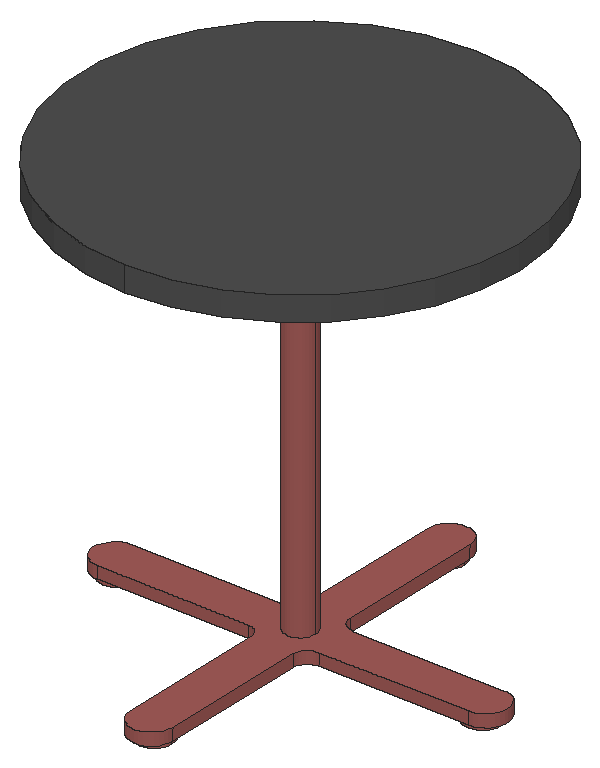
Revit family "Table-Teknion-CQTSA_Routes_Adjustable_Side_Table-R2018", category Furniture, Revit 2018
Family settings
  OmniClass Number = 23.40.20.00
  OmniClass Title = General Furniture and Specialties
  Work Plane-Based = No
  Always vertical = Yes
  Cut with Voids When Loaded = No
  Shared = Yes
  Room Calculation Point = No
Parameters (values of type "18" Dia.")
  Warranty = "http://www.teknion.com/ca/papers/legal-canada"
  Unit Weight URL = "http://www.teknion.com/ca/tools/assets#&asset=bee6a381-b954-425e-8283-5a2de3a804f2,f828d448-4b62-4231-9e5f-9a8991c0ed77"
  URL = "www.teknion.com"
  To render please download texture images found here [instance] = "https://assets.teknion.com/web/5e81352c1dfdb467/revit-material-swatches/"
  Sustainability Data = "https://www.teknion.com/ca/tools/assets#&topic=216f99a5-57a0-44fc-b10a-9dee9b29ae4c&asset=444deb64-fe58-4b68-981e-f75e97781df7,b4ff2d81-9f2e-437d-9659-7cffb09c31cf"
  Surface Finish [instance] = Foundation Laminate-Teknion-6K-Matte-Black
  Series = "Routes"  # constant formula
  Product Page URL = "https://www.teknion.com/ca/products/all-products"
  Product Line = "Routes"  # constant formula
  Product Documentation Link = "https://assets.teknion.com/m/72af4764f50e983c/original/Routes-Reference-Guide.pdf"
  Part Number = "CQTSA"  # constant formula
  Model = "CQTSA18"
  Manufacturer Phone = "416-661-3370"  # constant formula
  Manufacturer Fax = "416.661.4586"  # constant formula
  Manufacturer Contact Information = "http://www.teknion.com/ca/contactus"
  Manufacturer Address = "1150 Flint Road, Toronto, ON. M3J 2J5. Canada"  # constant formula
  Manufacturer = "Teknion"  # constant formula
  How To Use Teknion Materials User Guide [instance] = "https://assets.teknion.com/m/205dd0a49fa58060/original/How-to-add-a-Material-Library-and-Texture-Images-to-your-Revit-project.pdf"
  Height [instance] = 18.000"
  Frame Finish [instance] = Paint - Teknion - Accent - Crimson
  For Additional Finishes please visit [instance] = "https://assets.teknion.com/m/44a8009b046e5d47/original/Teknion_Materials_Library.zip"
  Description = "Routes Adjustable Side Table, 18\" Diameter"
  Available Heights [instance] = "18\" to 26\" in 1\" increments."  # constant formula
  Assembly Code = "E2020200"
Reference planes (in)
  plane 1 "Center Front/Back": y = 0.02364
  plane 2: z = 0
  plane 3 "Center Left/Right": x = -0.07572
  plane 4 "Left": x = -9.07443
  plane 5 "Right": x = 8.92299
  plane 6 "Back": y = 9.02262
  plane 7 "Front": y = -8.97533
  plane 8 "Top": z = 18
Forms (in)
  Sweep 1, solid, material "Foundation Laminate-Teknion-6K-Matte-Black" <- "Surface Finish"
    path origin (0, 0, 0) x (1, 0, 0) y (0, 0, 1)
      loop
        line (0, 18) -> (0, 17)
    profile origin (0, 0, 17.5) x (0, -1, 0) y (1, 0, 0)
      loop
        circle (-0.02364, -0.07572) r 8.99871
  Sweep 2, solid, material "Metal - Teknion - C9 - Polished Aluminum"
    path origin (0, 0, 0) x (1, 0, 0) y (0, 0, 1)
      loop
        line (0, 17) -> (0, 16.88)
    profile origin (0, 0, 16.94) x (0, -1, 0) y (1, 0, 0)
      loop
        circle (-0.02441, -0.08661) r 3
  Sweep 3, solid, material "Paint - Teknion - Accent - Crimson" <- "Frame Finish"
    path origin (0, 0, 0) x (1, 0, 0) y (0, 0, 1)
      loop
        line (-0.07457, 0.7126) -> (-0.07457, 14.4626)
    profile origin (-0.07457, 0, 7.5876) x (-1, 0, 0) y (0, -1, 0)
      loop
        circle (0.0005, -0.02148) r 0.62491
  Sweep 4, solid, material "Paint - Teknion - Accent - Crimson" <- "Frame Finish"
    path origin (0, 0, 0) x (1, 0, 0) y (0, 0, 1)
      loop
        line (0, 0.2126) -> (0, 0.7126)
    profile origin (0, 0, 0.4626) x (-1, 0, 0) y (0, -1, 0)
      loop
        line (-7.55043, -0.89861) -> (-1.39043, -0.89861)
        arc (-1.39043, -0.89861) -> (-0.97323, -1.07142) -> (-0.80043, -1.48861) r 0.59
        line (-0.80043, -1.48861) -> (-0.80043, -7.64861)
        arc (-0.80043, -7.64861) -> (0.07457, -8.52361) -> (0.94957, -7.64861) r 0.875
        line (0.94957, -7.64861) -> (0.94957, -1.48861)
        arc (0.94957, -1.48861) -> (1.12238, -1.07142) -> (1.53957, -0.89861) r 0.59
        line (1.53957, -0.89861) -> (7.69957, -0.89861)
        arc (7.69957, -0.89861) -> (8.57457, -0.02361) -> (7.69957, 0.85139) r 0.875
        line (7.69957, 0.85139) -> (1.53957, 0.85139)
        arc (1.53957, 0.85139) -> (1.12238, 1.0242) -> (0.94957, 1.44139) r 0.59
        line (0.94957, 1.44139) -> (0.94957, 7.60139)
        arc (0.94957, 7.60139) -> (0.07457, 8.47639) -> (-0.80043, 7.60139) r 0.875
        line (-0.80043, 7.60139) -> (-0.80043, 1.44139)
        arc (-0.80043, 1.44139) -> (-0.97323, 1.0242) -> (-1.39043, 0.85139) r 0.59
        line (-1.39043, 0.85139) -> (-7.55043, 0.85139)
        arc (-7.55043, 0.85139) -> (-8.42543, -0.02361) -> (-7.55043, -0.89861) r 0.875
  Sweep 5, solid, material "Paint - Teknion - Accent - Crimson" <- "Frame Finish"
    path origin (0, 0, 0) x (1, 0, 0) y (0, 0, 1)
      loop
        line (-0.07457, 0) -> (-0.07457, 0.2126)
    profile origin (-0.07457, 0, 0.1063) x (-1, 0, 0) y (0, -1, 0)
      loop
        circle (-0.00222, -7.52714) r 0.74564
      loop
        circle (-7.49953, -0.02397) r 0.74564
      loop
        circle (-0.00222, 7.48026) r 0.74564
      loop
        circle (7.49882, -0.02397) r 0.74564
  Sweep 6, solid, material "Metal - Teknion - C9 - Polished Aluminum"
    path origin (0, 0, 0) x (1, 0, 0) y (0, 0, 1)
      loop
        line (0, 14.4366) -> (0, 15.1226)
    profile origin (0, 0, 14.7796) x (-1, 0, 0) y (0, -1, 0)
      loop
        line (-1.06419, -0.72735) -> (0.07831, -0.72735)
        arc (0.07831, -0.72735) -> (0.2895, -0.7018) -> (0.4885, -0.62662) r 0.88549
        arc (0.4885, -0.62662) -> (0.63162, -0.52325) -> (0.73498, -0.38014) r 0.55435
        arc (0.73498, -0.38014) -> (0.76733, -0.29128) -> (0.77831, -0.19735) r 0.40716
        line (0.77831, -0.19735) -> (0.77831, 0.15013)
        arc (0.77831, 0.15013) -> (0.76733, 0.24406) -> (0.73498, 0.33292) r 0.40716
        arc (0.73498, 0.33292) -> (0.63162, 0.47603) -> (0.4885, 0.57939) r 0.55435
        arc (0.4885, 0.57939) -> (0.2895, 0.65458) -> (0.07831, 0.68013) r 0.88549
        line (0.07831, 0.68013) -> (-1.06419, 0.68013) -> (-1.06419, 0.07139) -> (-0.4832, 0.0511)
        arc (-0.4832, 0.0511) -> (-0.29905, 0.40067) -> (0.07046, 0.54058) r 0.55787
        arc (0.07046, 0.54058) -> (0.63563, -0.02459) -> (0.07046, -0.58977) r 0.56518
        arc (0.07046, -0.58977) -> (-0.30201, -0.44968) -> (-0.48982, -0.09885) r 0.56518
        line (-0.48982, -0.09885) -> (-1.06419, -0.11861) -> (-1.06419, -0.72735)
  Sweep 7, void
    path origin (0, 0, 0) x (1, 0, 0) y (0, 1, 0)
      loop
        line (0.57885, -1.07979) -> (0.57885, 1.57887)
    profile origin (0.57885, 0.24954, 0) x (-1, 0, 0) y (0, 0, 1)
      loop
        line (-0.14234, 15.1226) -> (-0.5318, 15.1226) -> (-0.5318, 14.4366) -> (-0.14234, 14.4366)
        arc (-0.14234, 14.4366) -> (-0.48534, 14.7796) -> (-0.14234, 15.1226) r 0.343
  Sweep 8, solid, material "Metal - Teknion - C9 - Polished Aluminum"
    path origin (0, 0, 0) x (1, 0, 0) y (0, 0, 1)
      loop
        line (0, 16.88) -> (0, 3.185)
    profile origin (0, 0, 10.0325) x (0, -1, 0) y (1, 0, 0)
      loop
        circle (-0.02148, -0.07508) r 0.5308
  Sweep 9, solid, material "Paint - Teknion - Accent - Crimson" <- "Frame Finish"
    path origin (0, 0, 0) x (1, 0, 0) y (0, 1, 0)
      loop
        line (0.66213, 2.10029) -> (0.78024, 2.10029)
    profile origin (0.72119, 2.10029, 0) x (0, 1, 0) y (0, 0, 1)
      loop
        circle (-0.16861, 14.77765) r 0.98488
  Sweep 10, void
    path origin (1.44237, 0, 0) x (-1, 0, 0) y (0, -1, 0)
      loop
        line (0.57885, -0.72735) -> (0.57885, -1.57887)
    profile origin (0.86352, 1.15311, 0) x (-1, 0, 0) y (0, 0, 1)
      loop
        arc (0.14234, 15.1226) -> (0.48534, 14.7796) -> (0.14234, 14.4366) r 0.343
        line (0.14234, 14.4366) -> (0.5318, 14.4366) -> (0.5318, 15.1226) -> (0.14234, 15.1226)
  Sweep 11, solid, material "Paint - Teknion - Accent - Crimson" <- "Frame Finish"
    path origin (0, 0, 0) x (0, 1, 0) y (0, 0, 1)
      loop
        line (0.02361, 14.4366) -> (0.02361, 15.1226)
    profile origin (0, 0.02361, 14.7796) x (0, -1, 0) y (1, 0, 0)
      loop
        line (-0.70374, 0.37762) -> (-0.70374, 1.06419) -> (-1.45374, 1.06419) -> (-1.45374, 0.37762) -> (-0.70374, 0.37762)
Cuts and joins
  Sweep 7 cuts Sweep 6
  Sweep 7, Sweep 10 cuts Sweep 11
Lines and regions (in)
  Masking region 1
    outline origin (0, 0, 0) x (1, 0, 0) y (0, 1, 0)
      loop
        circle (-0.07572, 0.02364) r 8.99871
  symbolic lines, style "FurnitureHiddenLines", detail levels medium+fine
    curve 1: line (-1.53957, 0.89861, 0) -> (-7.69957, 0.89861, 0)
    curve 2: line (-7.69957, -0.85139, 0) -> (-1.53957, -0.85139, 0)
    curve 3: arc (-7.69957, -0.85139, 0) -> (-8.57457, 0.02361, 0) -> (-7.69957, 0.89861, 0) r 0.875
    curve 4: line (-0.94957, 7.64861, 0) -> (-0.94957, 1.48861, 0)
    curve 5: line (0.80043, 1.48861, 0) -> (0.80043, 7.64861, 0)
    curve 6: line (7.55043, 0.89861, 0) -> (1.39043, 0.89861, 0)
    curve 7: line (1.39043, -0.85139, 0) -> (7.55043, -0.85139, 0)
    curve 8: line (0.80043, -7.60139, 0) -> (0.80043, -1.44139, 0)
    curve 9: arc (1.39043, -0.85139, 0) -> (0.97323, -1.0242, 0) -> (0.80043, -1.44139, 0) r 0.59
    curve 10: arc (-0.94957, -1.44139, 0) -> (-1.12238, -1.0242, 0) -> (-1.53957, -0.85139, 0) r 0.59
    curve 11: arc (-1.53957, 0.89861, 0) -> (-1.12238, 1.07142, 0) -> (-0.94957, 1.48861, 0) r 0.59
    curve 12: line (-0.94957, -1.44139, 0) -> (-0.94957, -7.60139, 0)
    curve 13: arc (0.80043, -7.60139, 0) -> (-0.07457, -8.47639, 0) -> (-0.94957, -7.60139, 0) r 0.875
    curve 14: arc (7.55043, 0.89861, 0) -> (8.42543, 0.02361, 0) -> (7.55043, -0.85139, 0) r 0.875
    curve 15: arc (-0.94957, 7.64861, 0) -> (-0.07457, 8.52361, 0) -> (0.80043, 7.64861, 0) r 0.875
    curve 16: arc (0.80043, 1.48861, 0) -> (0.97323, 1.07142, 0) -> (1.39043, 0.89861, 0) r 0.59
    curve 25: arc (-0.08661, 3.02441, 0) -> (-3.08661, 0.02441, 0) -> (-0.08661, -2.97559, 0) r 3
    curve 26: arc (-0.08661, -2.97559, 0) -> (2.91339, 0.02441, 0) -> (-0.08661, 3.02441, 0) r 3
    curve 37: arc (-0.07046, 0.58977, 0) -> (-0.49609, -0.34724, 0) -> (0.4896, -0.05132, 0) r 0.56518
    curve 38: arc (0.48982, 0.09885, 0) -> (0.30201, 0.44968, 0) -> (-0.07046, 0.58977, 0) r 0.56518
    curve 39: line (0.48982, 0.09885, 0) -> (1.06419, 0.11861, 0)
    curve 40: line (1.06419, -0.07139, 0) -> (0.4896, -0.05132, 0)
    curve 41: line (1.06419, 0.72735, 0) -> (-0.07831, 0.72735, 0)
    curve 42: line (-0.77831, 0.19735, 0) -> (-0.77831, -0.15013, 0)
    curve 43: arc (-0.73498, 0.38014, 0) -> (-0.63162, 0.52325, 0) -> (-0.4885, 0.62662, 0) r 0.55435
    curve 44: arc (-0.77831, 0.19735, 0) -> (-0.76733, 0.29128, 0) -> (-0.73498, 0.38014, 0) r 0.40716
    curve 45: arc (-0.4885, 0.62662, 0) -> (-0.2895, 0.7018, 0) -> (-0.07831, 0.72735, 0) r 0.88549
    curve 46: arc (-0.73498, -0.33292, 0) -> (-0.76733, -0.24406, 0) -> (-0.77831, -0.15013, 0) r 0.40716
    curve 47: arc (-0.4885, -0.57939, 0) -> (-0.63162, -0.47603, 0) -> (-0.73498, -0.33292, 0) r 0.55435
    curve 48: arc (-0.07831, -0.68013, 0) -> (-0.2895, -0.65458, 0) -> (-0.4885, -0.57939, 0) r 0.88549
    curve 49: line (-0.07831, -0.68013, 0) -> (1.06419, -0.68013, 0)
    curve 50: line (1.06419, -0.07139, 0) -> (1.06419, -0.68013, 0)
    curve 51: line (1.06419, 0.11861, 0) -> (1.06419, 0.72735, 0)
  symbolic lines, style "FurnitureHiddenLines", detail levels fine
    curve 17: arc (-0.81799, 7.52714, 0) -> (-0.07235, 8.27277, 0) -> (0.67328, 7.52714, 0) r 0.74564
    curve 18: arc (0.67328, 7.52714, 0) -> (-0.07235, 6.7815, 0) -> (-0.81799, 7.52714, 0) r 0.74564
    curve 19: arc (6.67932, 0.02397, 0) -> (7.42496, 0.76961, 0) -> (8.17059, 0.02397, 0) r 0.74564
    curve 20: arc (8.17059, 0.02397, 0) -> (7.42496, -0.72166, 0) -> (6.67932, 0.02397, 0) r 0.74564
    curve 21: arc (-0.81799, -7.48026, 0) -> (-0.07235, -6.73463, 0) -> (0.67328, -7.48026, 0) r 0.74564
    curve 22: arc (0.67328, -7.48026, 0) -> (-0.07235, -8.2259, 0) -> (-0.81799, -7.48026, 0) r 0.74564
    curve 23: arc (-8.31903, 0.02397, 0) -> (-7.57339, 0.76961, 0) -> (-6.82776, 0.02397, 0) r 0.74564
    curve 24: arc (-6.82776, 0.02397, 0) -> (-7.57339, -0.72166, 0) -> (-8.31903, 0.02397, 0) r 0.74564
    curve 27: line (0.66213, 2.91655, 0) -> (0.78024, 2.91655, 0)
    curve 28: line (0.66213, 0.9468, 0) -> (0.66213, 2.91655, 0)
    curve 29: line (0.78024, 0.9468, 0) -> (0.66213, 0.9468, 0)
    curve 30: line (0.78024, 2.91655, 0) -> (0.78024, 0.9468, 0)
    curve 31: line (1.06419, 1.47735, 0) -> (0.37819, 1.47735, 0)
    curve 32: line (0.37819, 1.47735, 0) -> (0.37819, 0.72735, 0)
    curve 33: line (1.06419, 0.72735, 0) -> (0.37819, 0.72735, 0)
    curve 34: line (1.06419, 0.72735, 0) -> (1.06419, 1.47735, 0)
    curve 35: arc (-0.69998, 0.02148, 0) -> (-0.07507, 0.64639, 0) -> (0.54984, 0.02148, 0) r 0.62491
    curve 36: arc (0.54984, 0.02148, 0) -> (-0.07507, -0.60343, 0) -> (-0.69998, 0.02148, 0) r 0.62491
Dimensions and locks (in)
  locked: plane 4 "Left" to plane 5 "Right" at 17.99742
  locked: plane 6 "Back" to plane 7 "Front" at 17.99795
  "Height": plane 8 "Top" to level
  equal spacing: plane 7 "Front", plane 1 "Center Front/Back", plane 6 "Back"
  equal spacing: plane 4 "Left", plane 3 "Center Left/Right", plane 5 "Right"
  Sweep 6 sketch curve to Sweep 6 sketch curve to level = 0.686" locked, 14.4366" locked
  Sweep 7 sketch curve to Sweep 7 sketch curve to Sweep 7 sketch curve to level = 0.343" locked, 0.343" locked, 14.4366" locked
  Sweep 7 sketch curve to Sweep 7 sketch curve to Sweep 7 sketch curve to Sweep 7 sketch curve to plane 3 "Center Left/Right" = 0.38947" locked, 0.000" locked, 0.000" locked, 0.79691" locked
  Sweep 10 sketch curve to Sweep 10 sketch curve to Sweep 10 sketch curve to level = 0.343" locked, 0.343" locked, 14.4366" locked
  Sweep 10 sketch curve to Sweep 10 sketch curve to Sweep 10 sketch curve to Sweep 10 sketch curve to plane 3 "Center Left/Right" = 0.000" locked, 0.000" locked, 0.38947" locked, 0.40744" locked
  plane 8 "Top" to Sweep 2 sketch curve to Sweep 2 sketch curve = 1.000" locked, 0.120" locked
  Sweep 4 sketch curve to Sweep 4 sketch curve to level = 0.500" locked, 0.2126" locked
  Sweep 3 sketch curve to Sweep 3 sketch curve to level = 13.750" locked, 0.7126" locked
  Sweep 11 sketch curve to Sweep 11 sketch curve to level = 0.686" locked, 14.4366" locked
  Sweep 8 sketch curve to Sweep 8 sketch curve to plane 8 "Top" = 13.695" locked, 1.120" locked
  locked: Sweep 9 sketch curve to level at 14.77765
  locked: Sweep 9 sketch curve to plane 1 "Center Front/Back" at 1.90803
  locked: Sweep 5 sketch curve to level at 0.2126
  locked: plane 8 "Top" to Sweep 1 sketch curve at 1
  aligned and locked: level to plane 2
  aligned and locked: plane 2 to Sweep 5 sketch curve
  aligned and locked: plane 8 "Top" to Sweep 1 sketch curve
Automatic sketch dimensions
  curve 17 to curve 18 = 0.000"  (x2)
  curve 19 to curve 20 = 0.000"  (x2)
  curve 21 to curve 22 = 0.000"  (x2)
  curve 23 to curve 24 = 0.000"  (x2)
  curve 25 to curve 26 = 0.000"  (x2)
  curve 35 to curve 36 = 0.000"  (x2)
  curve 37 to curve 38 = 0.000"  (x2)
  plane 1 "Center Front/Back" to curve 2 = 0.87503"
  plane 4 "Left" to curve 2 = 1.37486"
  curve 24 to plane 1 "Center Front/Back" = 0.00033"
  curve 3 to curve 24 = 0.12618"
  curve 1 to plane 3 "Center Left/Right" = 1.46385"
  curve 2 to plane 3 "Center Left/Right" = 1.46385"
  curve 12 to plane 3 "Center Left/Right" = 0.87385"
  curve 11 to curve 4 = 0.590"
  curve 42 to plane 1 "Center Front/Back" = 0.17371"
  curve 42 to plane 3 "Center Left/Right" = 0.70259"
  plane 1 "Center Front/Back" to curve 46 = 0.17377"
  curve 46 to plane 3 "Center Left/Right" = 0.29544"
  curve 44 to plane 3 "Center Left/Right" = 0.29544"
  plane 1 "Center Front/Back" to curve 47 = 0.10769"
  curve 46 to curve 47 = 0.13152"
  curve 43 to plane 1 "Center Front/Back" = 0.10763"
  curve 44 to curve 43 = 0.13152"
  curve 26 to plane 1 "Center Front/Back" = 0.00077"
  curve 26 to plane 3 "Center Left/Right" = 0.01089"
  curve 49 to plane 3 "Center Left/Right" = 0.00259"
  curve 41 to plane 3 "Center Left/Right" = 0.00259"
  plane 3 "Center Left/Right" to curve 35 = 0.00065"
  plane 3 "Center Left/Right" to curve 15 = 0.00115"
  plane 3 "Center Left/Right" to curve 13 = 0.00115"
  plane 3 "Center Left/Right" to curve 18 = 0.00337"
  plane 3 "Center Left/Right" to curve 22 = 0.00337"
  curve 38 to plane 1 "Center Front/Back" = 0.00095"
  plane 3 "Center Left/Right" to curve 38 = 0.00527"
  plane 3 "Center Left/Right" to curve 33 = 0.45391"
  plane 1 "Center Front/Back" to curve 40 = 0.07497"
  curve 37 to curve 40 = 0.56005"
  curve 39 to plane 1 "Center Front/Back" = 0.07521"
  plane 3 "Center Left/Right" to curve 27 = 0.73785"
  curve 27 to curve 30 = 0.11811"
  curve 39 to plane 1 "Center Front/Back" = 0.09497"
  curve 38 to curve 39 = 0.57437"
  curve 50 to curve 39 = 0.000"
  curve 31 to curve 16 = 0.32624"
  curve 8 to curve 9 = 0.590"
  curve 19 to plane 1 "Center Front/Back" = 0.00033"
  plane 5 "Right" to curve 19 = 1.49803"
  plane 1 "Center Front/Back" to curve 14 = 0.00003"
  curve 19 to curve 14 = 0.12547"
  curve 21 to plane 7 "Front" = 1.49507"
  curve 8 to curve 21 = 0.12112"
  curve 8 to curve 37 = 1.39007"
  curve 7 to curve 50 = 0.17126"
  curve 45 to curve 47 = 0.07409"
  plane 1 "Center Front/Back" to curve 50 = 0.09503"
  plane 1 "Center Front/Back" to curve 35 = 0.00216"
  plane 1 "Center Front/Back" to curve 3 = 0.00003"
  curve 43 to curve 48 = 0.07409"
  curve 34 to curve 6 = 0.17126"
  curve 33 to curve 29 = 0.21945"
  curve 34 to curve 16 = 0.01126"
  curve 5 to curve 30 = 1.42794"
  curve 17 to plane 6 "Back" = 1.49548"
  curve 17 to curve 4 = 0.12147"
  curve 24 to curve 3 = 0.61945"
  curve 12 to curve 21 = 0.13159"
  curve 4 to curve 17 = 0.13159"
  curve 43 to curve 44 = 0.000"
  curve 47 to curve 46 = 0.000"
  curve 46 to curve 35 = 0.07833"
  curve 20 to curve 19 = 0.74564"
  curve 25 to curve 10 = 1.5342"
  plane 3 "Center Left/Right" to Sweep 1 sketch curve = 0.07572"
  Sweep 1 sketch curve to profile plane = 0.02364"
  profile plane to Sweep 1 sketch curve = 0.07572"
  plane 3 "Center Left/Right" to Sweep 2 sketch curve = 0.07572"
  Sweep 2 sketch curve to profile plane = 0.02441"
  profile plane to Sweep 2 sketch curve = 0.08661"
  plane 3 "Center Left/Right" to Sweep 3 sketch curve = 0.00115"
  Sweep 3 sketch curve to profile plane = 0.0005"
  Sweep 3 sketch curve to profile plane = 0.02148"
  plane 3 "Center Left/Right" to Sweep 4 sketch curve = 0.07572"
  Sweep 4 sketch curve to profile plane = 0.89861"  (x2)
  profile plane to Sweep 4 sketch curve = 7.55043"
  profile plane to Sweep 4 sketch curve = 1.39043"  (x2)
  profile plane to Sweep 4 sketch curve = 0.80043"
  Sweep 4 sketch curve to Sweep 4 sketch curve = 0.590"  (x3)
  Sweep 4 sketch curve to profile plane = 0.07457"  (x2)
  Sweep 4 sketch curve to Sweep 4 sketch curve = 6.160"  (x3)
  Sweep 4 sketch curve to profile plane = 0.02361"  (x2)
  plane 3 "Center Left/Right" to Sweep 5 sketch curve = 0.00115"
  Sweep 5 sketch curve to profile plane = 0.02397"  (x2)
  profile plane to Sweep 5 sketch curve = 7.49953"
  profile plane to Sweep 5 sketch curve = 0.00222"  (x2)
  Sweep 5 sketch curve to profile plane = 7.49882"
  Sweep 5 sketch curve to profile plane = 7.52714"
  profile plane to Sweep 5 sketch curve = 7.48026"
  plane 3 "Center Left/Right" to Sweep 6 sketch curve = 0.07572"
  Sweep 6 sketch curve to Sweep 6 sketch curve = 0.000"  (x3)
  profile plane to Sweep 6 sketch curve = 1.06419"
  Sweep 6 sketch curve to profile plane = 0.09885"
  profile plane to Sweep 6 sketch curve = 0.48982"
  profile plane to Sweep 6 sketch curve = 0.0511"
  Sweep 6 sketch curve to Sweep 6 sketch curve = 0.00662"
  Sweep 6 sketch curve to profile plane = 0.02459"
  Sweep 6 sketch curve to profile plane = 0.07046"
  Sweep 6 sketch curve to profile plane = 0.07831"  (x2)
  Sweep 6 sketch curve to Sweep 6 sketch curve = 0.16132"  (x2)
  profile plane to Sweep 6 sketch curve = 0.08405"
  Sweep 6 sketch curve to Sweep 6 sketch curve = 0.13152"  (x2)
  Sweep 6 sketch curve to profile plane = 0.19735"
  Sweep 6 sketch curve to Sweep 6 sketch curve = 0.40716"
  Sweep 6 sketch curve to profile plane = 0.72735"
  Sweep 6 sketch curve to Sweep 6 sketch curve = 0.18077"
  Sweep 6 sketch curve to profile plane = 0.13127"
  Sweep 6 sketch curve to profile plane = 0.11861"
  Sweep 6 sketch curve to Sweep 6 sketch curve = 0.00731"
  profile plane to Sweep 6 sketch curve = 0.07139"
  profile plane to Sweep 6 sketch curve = 0.15013"
  profile plane to Sweep 6 sketch curve = 0.15814"
  Sweep 6 sketch curve to Sweep 6 sketch curve = 0.13955"
  Sweep 6 sketch curve to Sweep 6 sketch curve = 0.24648"  (x2)
  plane 3 "Center Left/Right" to Sweep 7 sketch curve = 0.65457"
  plane 1 "Center Front/Back" to Sweep 7 sketch curve = 1.10343"
  Sweep 7 sketch curve to plane 1 "Center Front/Back" = 1.55523"
  Sweep 7 sketch curve to Sweep 7 sketch curve = 0.000"  (x3)
  plane 3 "Center Left/Right" to Sweep 8 sketch curve = 0.07572"
  Sweep 8 sketch curve to profile plane = 0.02148"
  profile plane to Sweep 8 sketch curve = 0.07508"
  plane 3 "Center Left/Right" to Sweep 9 sketch curve = 0.73785"
  plane 3 "Center Left/Right" to Sweep 9 sketch curve = 0.85596"
  Sweep 9 sketch curve to plane 1 "Center Front/Back" = 2.07665"
  plane 3 "Center Left/Right" to Sweep 10 sketch curve = 0.93924"
  Sweep 10 sketch curve to plane 1 "Center Front/Back" = 1.55523"
  Sweep 10 sketch curve to plane 1 "Center Front/Back" = 0.70371"
  Sweep 10 sketch curve to Sweep 10 sketch curve = 0.000"  (x3)
  plane 1 "Center Front/Back" to Sweep 11 sketch curve = 0.00003"
  profile plane to Sweep 11 sketch curve = 0.37762"
  profile plane to Sweep 11 sketch curve = 1.45374"
  profile plane to Sweep 11 sketch curve = 0.70374"
  Sweep 11 sketch curve to Sweep 11 sketch curve = 0.68656"
  Masking region 1 sketch curve to Masking region 1 sketch curve = 0.000"  (x2)
  Masking region 1 sketch curve to plane 3 "Center Left/Right" = 0.000"
  plane 1 "Center Front/Back" to Masking region 1 sketch curve = 0.000"
  Masking region 1 sketch curve to plane 7 "Front" = 0.00027"
  radius of Sweep 1 sketch curve = 8.99871"
  radius of Sweep 2 sketch curve = 3.000"
  radius of Sweep 3 sketch curve = 0.62491"
  radius of Sweep 5 sketch curve = 0.74564"  (x4)
  radius of Sweep 8 sketch curve = 0.5308"
  radius of Sweep 9 sketch curve = 0.98488"
